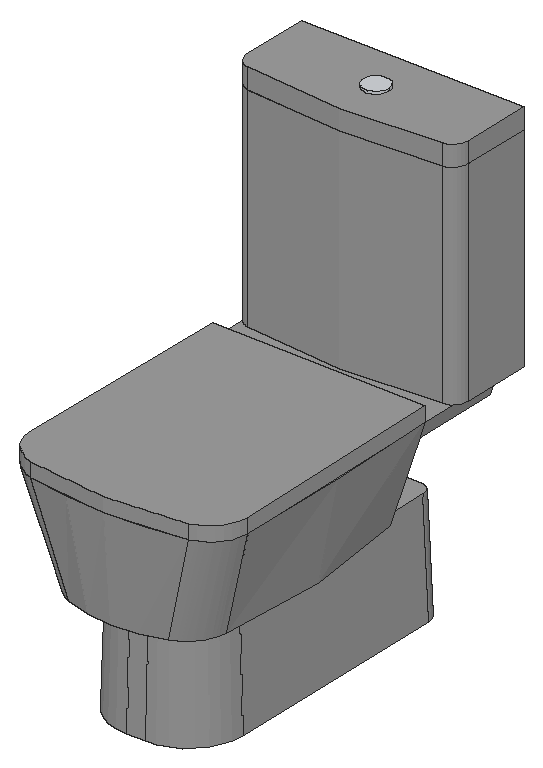
Revit family "WC BOSS PISO", category Plumbing Fixtures, Revit 2014
Reference planes
  plane 1 "Center (Front/Back)": y = 0
  plane 2: z = 0
  plane 3 "Center (Left/Right)": x = 0
Forms (mm)
  Blend 1, solid
    base sketch origin (0, -473, 0) x (1, 0, 0) y (0, 1, 0)
      loop
        arc (-80, 473) -> (-94.142, 467.142) -> (-100, 453) r 20
        line (-100, 453) -> (-100, 85)
        arc (-100, 85) -> (-75.104, 24.896) -> (-15, 0) r 85
        line (-15, 0) -> (15, 0)
        arc (15, 0) -> (75.104, 24.896) -> (100, 85) r 85
        line (100, 85) -> (100, 453)
        arc (100, 453) -> (94.142, 467.142) -> (80, 473) r 20
        line (80, 473) -> (-80, 473)
    top sketch origin (0, -473, 0) x (1, 0, 0) y (0, 1, 0)
      loop
        line (-92, 445) -> (-92, 85)
        arc (-92, 85) -> (-69.447, 30.553) -> (-15, 8) r 77
        line (-15, 8) -> (15, 8)
        arc (15, 8) -> (69.447, 30.553) -> (92, 85) r 77
        line (92, 85) -> (92, 445)
        arc (92, 445) -> (86.142, 459.142) -> (72, 465) r 20
        line (72, 465) -> (-72, 465)
        arc (-72, 465) -> (-86.142, 459.142) -> (-92, 445) r 20
    from 0 to 285.727
  Blend 2, solid
    base sketch origin (0, 0, 0) x (1, 0, 0) y (0, 1, 0)
      loop
        arc (-112.712, -113) -> (-133.621, -280.315) -> (-124.366, -448.677) r 941.999
        arc (-124.366, -448.677) -> (-109.375, -483.675) -> (-78.966, -506.586) r 74
        arc (-78.966, -506.586) -> (0, -522) -> (78.966, -506.586) r 209.985
        arc (78.966, -506.586) -> (109.375, -483.675) -> (124.366, -448.677) r 74
        arc (124.366, -448.677) -> (133.621, -280.315) -> (112.712, -113) r 941.999
        line (112.712, -113) -> (-112.712, -113)
    top sketch origin (0, 0, 0) x (1, 0, 0) y (0, 1, 0)
      loop
        arc (-167.5, -113) -> (-174.307, -290.523) -> (-171.991, -468.162) r 3459.488
        arc (-171.991, -468.162) -> (-157.922, -504.498) -> (-124.5, -524.531) r 60
        arc (-124.5, -524.531) -> (0, -537.604) -> (124.5, -524.531) r 599.347
        arc (124.5, -524.531) -> (157.922, -504.498) -> (171.991, -468.162) r 60
        arc (171.991, -468.162) -> (174.307, -290.523) -> (167.5, -113) r 3459.488
        line (167.5, -113) -> (-167.5, -113)
    from 180.47 to 346.056
  Extrusion 3, solid
    sketch origin (0, 0, 0) x (1, 0, 0) y (0, 0, 1)
      loop
        line (167.5, 346.056) -> (-167.5, 346.056) -> (-159.322, 321.338) -> (159.322, 321.338) -> (167.5, 346.056)
    from -26.003 to 113
  Extrusion 4, solid
    sketch origin (0, 0, 0) x (1, 0, 0) y (0, 1, 0)
      loop
        line (175.598, -36.731) -> (175.598, 72) -> (-173.706, 72) -> (-173.706, -36.731)
        arc (-173.706, -36.731) -> (-167.662, -53.031) -> (-152.451, -61.449) r 25
        arc (-152.451, -61.449) -> (0.946, -73) -> (154.342, -61.449) r 1024.251
        arc (154.342, -61.449) -> (169.553, -53.031) -> (175.598, -36.731) r 25
    from 346.056 to 682.051
  Extrusion 5, solid
    sketch origin (0, 0, 0) x (1, 0, 0) y (0, 1, 0)
      loop
        line (-173.706, 72) -> (-173.706, -36.737)
        arc (-173.706, -36.737) -> (-167.664, -53.035) -> (-152.457, -61.454) r 25
        arc (-152.457, -61.454) -> (0.946, -73.027) -> (154.349, -61.454) r 1022.438
        arc (154.349, -61.454) -> (169.556, -53.035) -> (175.598, -36.737) r 25
        line (175.598, -36.737) -> (175.598, 72) -> (-173.706, 72)
    from 682.051 to 713.827
  Extrusion 6, solid
    sketch origin (0, 0, 0) x (1, 0, 0) y (0, 1, 0)
      loop
        arc (-167.5, -113) -> (-174.307, -290.523) -> (-171.991, -468.162) r 3459.488
        arc (-171.991, -468.162) -> (-157.922, -504.498) -> (-124.5, -524.531) r 60
        arc (-124.5, -524.531) -> (0, -537.604) -> (124.5, -524.531) r 599.347
        arc (124.5, -524.531) -> (157.922, -504.498) -> (171.991, -468.162) r 60
        arc (171.991, -468.162) -> (174.307, -290.523) -> (167.5, -113) r 3459.488
        line (167.5, -113) -> (-167.5, -113)
    from 346.056 to 368.97
  Extrusion 7, void
    sketch origin (0, 0, 0) x (0, 1, 0) y (0, 0, 1)
      loop
        line (-113, 285.727) -> (-113, 180.47) -> (-5.053, 180.47) -> (-8, 285.727) -> (-113, 285.727)
    from -141 to 175.598
  Extrusion 8, solid
    sketch origin (0, 0, 0) x (0, 1, 0) y (0, 0, 1)
      loop
        arc (-5.053, 180.47) -> (22.249, 250.47) -> (-5.053, 320.47) r 103.387
        line (-5.053, 320.47) -> (-115.053, 320.47) -> (-115.053, 180.47) -> (-5.053, 180.47)
    from -24.237 to 47.075
  Extrusion 9, solid
    sketch origin (0, 0, 0) x (1, 0, 0) y (0, 1, 0)
      loop
        arc (-77, -113) -> (-92, -98) -> (-107, -113) r 15
        line (-107, -113) -> (-77, -113)
      loop
        arc (107, -113) -> (92, -98) -> (77, -113) r 15
        line (77, -113) -> (107, -113)
    from 346.056 to 357.872
  Extrusion 10, solid
    sketch origin (0, 0, 0) x (1, 0, 0) y (0, 1, 0)
      loop
        circle (0.946, -0.514) r 20
    from 713.827 to 717.457
  Extrusion 11, void
    sketch origin (0, 0, 0) x (1, 0, 0) y (0, 1, 0)
      loop
        circle (0.946, -228) r 50
    from 0 to 37.405
Cuts and joins
  Extrusion 7, Extrusion 11 cuts Blend 2
  Extrusion 7, Extrusion 11 cuts Extrusion 3
  joined: Blend 2, Extrusion 3
  Extrusion 7, Extrusion 11 cuts Blend 1
Dimensions and locks
  aligned and locked: level to plane 2
Connectors
  piping at (0.946, -228, 0), diameter 100
    settings: on cut or joined group of Blend 1, Extrusion 7, Extrusion 11, index 1, connector inside diameter 609.6 mm, connector length 0 mm, flow factor 0, pipe flow 0.0 L/s, pressure drop 0.0 Pa, fitting loss kfactor 0, connector angle 0.00°, fixture units 0, engagement length 0 mm, angle of deflection 0.00°, flow configuration 0, flow direction 0, fitting loss method 0, system type 7, joint type 0, gender type 0, connector reference index -1, connector utility 0, adjustable connector no, is connector primary yes, connector description ""
